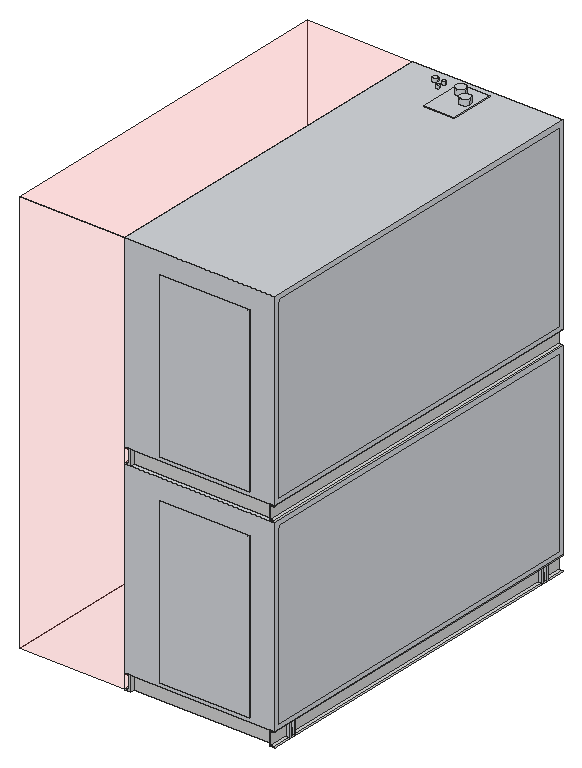
Revit family "TCDC 430", category Mechanical Equipment, Revit 2022
Family settings
  Round Connector Dimension = Use Diameter
  Part Type = Normal
  OmniClass Number = 23.75.00.00
  OmniClass Title = Climate Control (HVAC)
  Work Plane-Based = No
  Always vertical = Yes
  Cut with Voids When Loaded = No
  Maintain Annotation Orientation = No
  Shared = No
  Room Calculation Point = No
Parameters (values of type "125W RH")
  TAG = "125W RH"
  Mod. Position Filter2 = "7"
  Mod. Position Filter1 = "2"
  Mod. Position Fan2 = "6"
  Mod. Position Fan1 = "4"
  Mod. Position Coil2 = "8"
  Mod. Position Coil1 = "1"
  Mod. Position Air Section2 = "5"
  Mod. Position Air Section1 = "3"
  Default Elevation = 0"
Reference planes (in)
  plane 1 "Center (Front/Back)": y = 0
  plane 2: z = -0.03
  plane 3 "Center (Left/Right)": x = 0
  plane 4 "right": x = 60
Forms (in)
  Extrusion 1, solid
    sketch origin (0, 0, -0.03) x (1, 0, 0) y (0, 1, 0)
      loop
        line (0, 0) -> (0, -144) -> (60, -144) -> (60, 0) -> (0, 0)
    from 6 to 81
  Extrusion 2, solid
    sketch origin (0, 0, -0.03) x (1, 0, 0) y (0, 1, 0)
      loop
        line (0, 0) -> (0, -144) -> (60, -144) -> (60, 0) -> (0, 0)
    from 87 to 162
  Extrusion 3, solid
    sketch origin (60, 0, -0.03) x (0, -1, 0) y (0, 0, -1)
      loop
        line (141.875, -78.875) -> (141.875, -8) -> (2.125, -8) -> (2.125, -78.875) -> (141.875, -78.875)
    from 0 to -2
  Extrusion 4, solid
    sketch origin (-2.6875, 0, 0) x (1, 0, 0) y (0, 0, 1)
      loop
        line (16.6875, 78.845) -> (16.6875, 5.97) -> (52.6875, 5.97) -> (52.6875, 78.845) -> (16.6875, 78.845)
    from 0 to 0.0625
  Extrusion 5, solid
    sketch origin (-2.6875, 0.0625, 84.97) x (1, 0, 0) y (0, 0, 1)
      loop
        line (16.6875, 68.625) -> (16.6875, 3.375) -> (52.6875, 3.375) -> (52.6875, 68.625) -> (16.6875, 68.625)
    from 144 to 144.0625
  Extrusion 6, solid
    sketch origin (-2.6875, 0, 0) x (1, 0, 0) y (0, 0, 1)
      loop
        line (16.6875, 72.595) -> (16.6875, 7.345) -> (52.6875, 7.345) -> (52.6875, 72.595) -> (16.6875, 72.595)
    from 144 to 144.0625
  Extrusion 7, solid
    sketch origin (-2.6875, 0.0625, 84.97) x (1, 0, 0) y (0, 0, 1)
      loop
        line (16.6875, 74.875) -> (16.6875, 2) -> (52.6875, 2) -> (52.6875, 74.875) -> (16.6875, 74.875)
    from 0 to 0.0625
  Extrusion 8, solid
    sketch origin (0, -37, -0.03) x (0, 1, 0) y (0, 0, -1)
      loop
        line (16.125, -78.875) -> (16.125, -8) -> (-104.875, -8) -> (-104.875, -78.875) -> (16.125, -78.875)
      loop
        line (16.125, -159.875) -> (16.125, -89) -> (-104.875, -89) -> (-104.875, -159.875) -> (16.125, -159.875)
    from -2 to 0
  Extrusion 9, solid
    sketch origin (4.33484, 11.6855, 161.97) x (1, 0, 0) y (0, 1, 0)
      loop
        line (16.29016, -13.8105) -> (16.29016, -31.8105) -> (28.29016, -31.8105) -> (28.29016, -13.8105) -> (16.29016, -13.8105)
    from 0 to -2
  Extrusion 10, solid
    sketch origin (0, 0, 161.97) x (1, 0, 0) y (0, 1, 0)
      loop
        circle (24.125, -6.125) r 2
      loop
        circle (29.125, -10.125) r 2
    from 0 to 2
  Extrusion 11, solid
    sketch origin (0, -4.64908, -1.66593) x (0, 1, 0) y (0, 0, -1)
      loop
        line (4.14908, -80.51093) -> (4.14908, -8.63593) -> (-15.85092, -8.63593) -> (-15.85092, -80.51093) -> (4.14908, -80.51093)
      loop
        line (4.02408, -161.51093) -> (4.02408, -89.63593) -> (-15.97592, -89.63593) -> (-15.97592, -161.51093) -> (4.02408, -161.51093)
    from 0 to -10
  Extrusion 12, solid
    sketch origin (60, 0, -0.03) x (0, -1, 0) y (0, 0, -1)
      loop
        line (141.875, -159.875) -> (141.875, -89) -> (2.125, -89) -> (2.125, -159.875) -> (141.875, -159.875)
    from 0 to -2
  Extrusion 13, solid
    sketch origin (0, 0, 161.97) x (1, 0, 0) y (0, 1, 0)
      loop
        circle (13, -5) r 1
    from 0 to 1
  Extrusion 14, solid
    sketch origin (0, 0, 161.97) x (1, 0, 0) y (0, 1, 0)
      loop
        circle (16.5, -5) r 0.625
    from 0 to 1
  Extrusion 15, solid
    sketch origin (0, 0, 161.97) x (1, 0, 0) y (0, 1, 0)
      loop
        circle (16.5, -8) r 0.625
    from 0 to 1
  Extrusion 16, solid
    sketch origin (-3, -144, -0.03) x (1, 0, 0) y (0, 1, 0)
      loop
        line (3, 144) -> (-39, 144) -> (-39, 0) -> (3, 0) -> (3, 144)
    from 0 to 162
  Extrusion 17, solid
    sketch origin (1.723, -144, 5.3541) x (0, 1, 0) y (0, 0, -1)
      loop
        circle (138, 3.3841) r 0.625
    from 0 to 2
  Extrusion 18, solid
    sketch origin (47.20421, -21.32305, -0.03) x (-1, 0, 0) y (0, -1, 0)
      loop
        circle (-11.75735, 113.76623) r 0.5
    from 0 to 3
  Extrusion 19, solid
    sketch origin (49.86796, -11.07056, -0.03) x (-1, 0, 0) y (0, -1, 0)
      loop
        line (-7.98604, 125.07378) -> (-7.98604, 125.32378) -> (-10.13204, 125.32378) -> (-10.13204, 125.07378) -> (-7.98604, 125.07378)
    from 0.343 to 5.657
  Extrusion 20, solid
    sketch origin (49.86796, -35.91301, -0.03) x (-1, 0, 0) y (0, -1, 0)
      loop
        line (-7.98604, 98.1212) -> (-10.13204, 98.1212) -> (-10.13204, 97.8712) -> (-7.98604, 97.8712) -> (-7.98604, 98.1212)
    from 0.343 to 5.657
  Extrusion 21, solid
    sketch origin (12.79579, -21.32305, -0.03) x (1, 0, 0) y (0, 1, 0)
      loop
        circle (-11.75735, -113.76623) r 0.5
    from 0 to 3
  Extrusion 22, solid
    sketch origin (10.13204, -11.07056, -0.03) x (1, 0, 0) y (0, 1, 0)
      loop
        line (-7.98604, -125.07378) -> (-10.13204, -125.07378) -> (-10.13204, -125.32378) -> (-7.98604, -125.32378) -> (-7.98604, -125.07378)
    from 0.343 to 5.657
  Extrusion 23, solid
    sketch origin (10.13204, -35.91301, -0.03) x (1, 0, 0) y (0, 1, 0)
      loop
        line (-7.98604, -98.1212) -> (-7.98604, -97.8712) -> (-10.13204, -97.8712) -> (-10.13204, -98.1212) -> (-7.98604, -98.1212)
    from 0.343 to 5.657
  Extrusion 24, solid
    sketch origin (47.20421, -122.67695, -0.03) x (-1, 0, 0) y (0, -1, 0)
      loop
        circle (-11.75735, -113.76623) r 0.5
    from 0 to 3
  Extrusion 25, solid
    sketch origin (49.86796, -132.92944, -0.03) x (-1, 0, 0) y (0, -1, 0)
      loop
        line (-7.98604, -125.07378) -> (-10.13204, -125.07378) -> (-10.13204, -125.32378) -> (-7.98604, -125.32378) -> (-7.98604, -125.07378)
    from 0.343 to 5.657
  Extrusion 26, solid
    sketch origin (49.86796, -108.08699, -0.03) x (-1, 0, 0) y (0, -1, 0)
      loop
        line (-7.98604, -98.1212) -> (-7.98604, -97.8712) -> (-10.13204, -97.8712) -> (-10.13204, -98.1212) -> (-7.98604, -98.1212)
    from 0.343 to 5.657
  Extrusion 27, solid
    sketch origin (12.79579, -122.67695, -0.03) x (1, 0, 0) y (0, 1, 0)
      loop
        circle (-11.75735, 113.76623) r 0.5
    from 0 to 3
  Extrusion 28, solid
    sketch origin (10.13204, -132.92944, -0.03) x (1, 0, 0) y (0, 1, 0)
      loop
        line (-7.98604, 125.07378) -> (-7.98604, 125.32378) -> (-10.13204, 125.32378) -> (-10.13204, 125.07378) -> (-7.98604, 125.07378)
    from 0.343 to 5.657
  Extrusion 29, solid
    sketch origin (10.13204, -108.08699, -0.03) x (1, 0, 0) y (0, 1, 0)
      loop
        line (-7.98604, 98.1212) -> (-10.13204, 98.1212) -> (-10.13204, 97.8712) -> (-7.98604, 97.8712) -> (-7.98604, 98.1212)
    from 0.343 to 5.657
Text (in)
  text "Grooved Connectors" at (20.77129, -19.66665, 161.70485), in view "{3D}"
  text "Refer to submittal for equipment details" at (62.84487, -144.22737, 4.19408), in view "{3D}"
  text "Preliminary" at (32.87537, -62.26885, 167.28286), in view "{3D}"
Dimensions and locks (in)
  Extrusion 1 to Extrusion 1 = 144"
  Extrusion 2 to Extrusion 2 = 75"
  Extrusion 9 to Extrusion 10 sketch curve = 3 1/2"
  Extrusion 10 sketch curve to Extrusion 9 = 3 1/2"
  Extrusion 9 to Extrusion 10 sketch curve = 4"
  Extrusion 9 to Extrusion 10 sketch curve = 8"
  Extrusion 8 sketch curve to Extrusion 2 = 2 1/8"  (x2)
  Extrusion 8 sketch curve to Extrusion 8 sketch curve = 121"  (x2)
  Extrusion 2 to Extrusion 8 sketch curve = 72 7/8"
  Extrusion 2 to Extrusion 12 sketch curve = 2 1/8"
  Extrusion 1 to Extrusion 11 = 1/2"
  Extrusion 2 to Extrusion 13 = 5"
  plane 3 "Center (Left/Right)" to Extrusion 13 sketch curve = 13"
  Extrusion 2 to Extrusion 13 sketch curve = 5"
  Extrusion 11 to Extrusion 14 sketch curve = 16 1/2"
  Extrusion 2 to Extrusion 14 sketch curve = 5"
  Extrusion 2 to Extrusion 15 sketch curve = 8"
  Extrusion 11 to Extrusion 15 sketch curve = 16 1/2"
  Extrusion 16 to Extrusion 16 = 162"
  Extrusion 16 to Extrusion 17 sketch curve = 6"
  Extrusion 16 to Extrusion 17 sketch curve = 2"
  radius of Extrusion 15 sketch curve = 5/8"
  aligned and locked: plane 2 to level
Nested families (in)
  nested 1: "C-Channel" at (58.354, -74.70947, 2.97) x (0, 1, 0) z (0, 0, 1), type "C6X13"
    with built-in parameter 1005500 Steel ASTM A36, built-in parameter 1001375 60", W 13, bf 2.16", d 6", tf 0.343", tw 0.437", x 0.514", A 0.0264583 SF
  nested 2: "C-Channel" at (1.646, -69.29053, 2.97) x (0, -1, 0) z (0, 0, 1), type "C6X13"
    with built-in parameter 1005500 Steel ASTM A36, built-in parameter 1001375 60", W 13, bf 2.16", d 6", tf 0.343", tw 0.437", x 0.514", A 0.0264583 SF
  nested 3: "C-Channel" at (35, -2, 2.97) x (-1, 0, 0) z (0, 0, 1), type "C6X13"
    with built-in parameter 1005500 Steel ASTM A36, built-in parameter 1001375 60", W 13, bf 2.16", d 6", tf 0.343", tw 0.437", x 0.514", A 0.0264583 SF
  nested 4: "C-Channel" at (28.354, -141.9375, 2.97) x (-1, 0, 0) z (0, 0, 1), type "C6X13"
    with built-in parameter 1005500 Steel ASTM A36, built-in parameter 1001375 60", W 13, bf 2.16", d 6", tf 0.343", tw 0.437", x 0.514", A 0.0264583 SF
  nested 5: "C-Channel" at (58.354, -74.70947, 83.97) x (0, 1, 0) z (0, 0, 1), type "C6X13"
    with built-in parameter 1005500 Steel ASTM A36, built-in parameter 1001375 60", W 13, bf 2.16", d 6", tf 0.343", tw 0.437", x 0.514", A 0.0264583 SF
  nested 6: "C-Channel" at (1.646, -69.29053, 83.97) x (0, -1, 0) z (0, 0, 1), type "C6X13"
    with built-in parameter 1005500 Steel ASTM A36, built-in parameter 1001375 60", W 13, bf 2.16", d 6", tf 0.343", tw 0.437", x 0.514", A 0.0264583 SF
  nested 7: "C-Channel" at (35, -2, 83.97) x (-1, 0, 0) z (0, 0, 1), type "C6X13"
    with built-in parameter 1005500 Steel ASTM A36, built-in parameter 1001375 60", W 13, bf 2.16", d 6", tf 0.343", tw 0.437", x 0.514", A 0.0264583 SF
  nested 8: "C-Channel" at (28.354, -141.9375, 83.97) x (-1, 0, 0) z (0, 0, 1), type "C6X13"
    with built-in parameter 1005500 Steel ASTM A36, built-in parameter 1001375 60", W 13, bf 2.16", d 6", tf 0.343", tw 0.437", x 0.514", A 0.0264583 SF
Connectors (in)
  piping at (24.125, -6.125, 163.97), diameter 4
    settings: on Extrusion 10, index 5, connector inside diameter 24", connector length 0", flow factor 0, pipe flow 0 GPM, pressure drop 0.00 psi, fitting loss kfactor 0, connector angle 0.00°, fixture units 0, engagement length 0", angle of deflection 0.00°, flow configuration 0, flow direction 1, fitting loss method 0, system type 19, joint type 0, gender type 0, connector reference index -1, connector utility 0, adjustable connector no, is connector primary yes, connector description ""
  piping at (29.125, -10.125, 163.97), diameter 4
    settings: on Extrusion 10, index 6, connector inside diameter 24", connector length 0", flow factor 0, pipe flow 0 GPM, pressure drop 0.00 psi, fitting loss kfactor 0, connector angle 0.00°, fixture units 0, engagement length 0", angle of deflection 0.00°, flow configuration 0, flow direction 2, fitting loss method 0, system type 19, joint type 0, gender type 0, connector reference index -1, connector utility 0, adjustable connector no, is connector primary no, connector description ""
  hvac at (0, -81.375, 124.4075)
    settings: on Extrusion 8, index 7, duct flow 0 CFM, flow factor 0, pres drop 0.00 in-wg, loss coef 0, conn angle 0.00°, conn width 121", conn height 70 7/8", conn diameter 24", duct sys type 2, conn prof type 1, flow config 0, flow direction 1, loss method 0, conn ref index -1, conn util no, is conn primary yes, conn desc ""
  hvac at (60, -72, 124.4075)
    settings: on Extrusion 12, index 9, duct flow 0 CFM, flow factor 0, pres drop 0.00 in-wg, loss coef 0, conn angle 0.00°, conn width 139 3/4", conn height 70 7/8", conn diameter 24", duct sys type 1, conn prof type 1, flow config 0, flow direction 2, loss method 0, conn ref index -1, conn util no, is conn primary no, conn desc ""
  hvac at (60, -72, 43.4075)
    settings: on Extrusion 3, index 10, duct flow 0 CFM, flow factor 0, pres drop 0.00 in-wg, loss coef 0, conn angle 0.00°, conn width 139 3/4", conn height 70 7/8", conn diameter 24", duct sys type 1, conn prof type 1, flow config 0, flow direction 2, loss method 0, conn ref index -1, conn util no, is conn primary no, conn desc ""
  electrical at (13, -5, 162.97)
    settings: on Extrusion 13, index 12, voltage 0 V, apparent load 0 VA, apparent load phase1 0 VA, apparent load phase2 0 VA, apparent load phase3 0 VA, power factor 1, load classification "Other", number of poles 1, system type 30, power factor state 1, is connector primary yes, connector utility no, sub classification motor no, connector description ""
  electrical at (16.5, -8, 162.97)
    settings: on Extrusion 15, index 13, voltage 0 V, apparent load 0 VA, apparent load phase1 0 VA, apparent load phase2 0 VA, apparent load phase3 0 VA, power factor 1, load classification "Other", number of poles 1, system type 14, power factor state 1, is connector primary no, connector utility no, sub classification motor no, connector description ""
  electrical at (16.5, -5, 162.97)
    settings: on Extrusion 14, index 14, voltage 0 V, apparent load 0 VA, apparent load phase1 0 VA, apparent load phase2 0 VA, apparent load phase3 0 VA, power factor 1, load classification "Other", number of poles 1, system type 13, power factor state 1, is connector primary no, connector utility no, sub classification motor no, connector description ""
  piping at (-0.277, -6, 1.97), diameter 1.25
    settings: on Extrusion 17, index 15, connector inside diameter 24", connector length 0", flow factor 0, pipe flow 0 GPM, pressure drop 0.00 psi, fitting loss kfactor 0, connector angle 0.00°, fixture units 0, engagement length 0", angle of deflection 0.00°, flow configuration 0, flow direction 2, fitting loss method 0, system type 22, joint type 0, gender type 0, connector reference index -1, connector utility 0, adjustable connector no, is connector primary no, connector description ""
  hvac at (0, -81.375, 43.4075)
    settings: on Extrusion 8, index 16, duct flow 0 CFM, flow factor 0, pres drop 0.00 in-wg, loss coef 0, conn angle 0.00°, conn width 121", conn height 71 1/8", conn diameter 24", duct sys type 2, conn prof type 1, flow config 0, flow direction 1, loss method 0, conn ref index -1, conn util no, is conn primary no, conn desc ""
Definition of nested family "C-Channel"
  Parameters (values of type "C12X30")
    W = 30
    Structural Material [instance] = none
    Assembly Code = "B10"
    Length [instance] = 60"
    bf = 3 11/64"
    d = 12"
    tf = 1/2"
    tw = 131/256"
    x = 173/256"
    A = 0.0611111 SF
  Types (2): name | W | bf | d | tf | tw | x | A
    C12X30 | 30 | 3 11/64" | 12" | 1/2" | 131/256" | 173/256" | 0.0611111 SF
    C15X33.9 | 33.9 | 3 51/128" | 15" | 83/128" | 51/128" | 101/128" | 0.0694444 SF
  Reference planes (in)
    plane 1 "Center (Front/Back)": y = 0
    plane 2: z = 0
    plane 3 "Center (Left/Right)": x = 0.1815
    plane 4 "Member Left": x = -23.8185
    plane 5 "Member Right": x = 24.1815
    plane 6 "Center Left/Right": y = 0.67578
    plane 7: y = -2.49609
    plane 8 "Top": z = 6
    plane 9: z = -6
    plane 10 "Left": x = -29.8185
    plane 11 "Right": x = 30.1815
  Forms (in)
    Sweep 1, solid, material <- "Structural Material", detail levels fine
      path origin (0, 0, 0) x (1, 0, 0) y (0, 1, 0)
        loop
          line (24.1815, 0) -> (-23.8185, 0)
      profile "C-Channel-Profile-Fine : C-Channel-Profile-Fine" origin (0.1815, 0, 0) x (0, -1, 0) y (0, 0, 1)
        loop
          line (-0.67578, -6) -> (2.49609, -6)
          arc (2.49609, -6) -> (2.34965, -5.64645) -> (1.99609, -5.5) r 0.5
          line (1.99609, -5.5) -> (-0.16406, -5.15786) -> (-0.16406, 5.15786) -> (1.99609, 5.5)
          arc (1.99609, 5.5) -> (2.34965, 5.64645) -> (2.49609, 6) r 0.5
          line (2.49609, 6) -> (-0.67578, 6) -> (-0.67578, -6)
    Sweep 2, solid, material <- "Structural Material", detail levels medium
      path origin (0, 0, 0) x (1, 0, 0) y (0, 1, 0)
        loop
          line (24.1815, 0) -> (-23.8185, 0)
      profile "C-Channel-Profile-Medium : C-Channel-Profile-Medium" origin (0.1815, 0, 0) x (0, -1, 0) y (0, 0, 1)
        loop
          line (-0.67578, -6) -> (2.49609, -6) -> (2.49609, -5.5) -> (-0.16406, -5.07867) -> (-0.16406, 5.07867) -> (2.49609, 5.5) -> (2.49609, 6) -> (-0.67578, 6) -> (-0.67578, -6)
  Lines and regions (in)
    symbolic lines, detail levels medium+fine
      curve 1: line (-23.8185, 0.1875, 5.5) -> (24.1815, 0.1875, 5.5)
      curve 2: line (-23.8185, 0.1875, -5.5) -> (24.1815, 0.1875, -5.5)
      curve 6: line (-23.8185, 0.16406, 0) -> (24.1815, 0.16406, 0)
    symbolic lines, detail levels coarse
      curve 3: line (0.1815, 0.67578, -6) -> (0.1815, 0.67578, 6)
      curve 4: line (0.1815, 0.67578, 6) -> (0.1815, -2.49609, 6)
      curve 5: line (0.1815, 0.67578, -6) -> (0.1815, -2.49609, -6)
  Dimensions and locks (in)
    "bf": plane 6 "Center Left/Right" to plane 7
    "d": plane 9 to plane 8 "Top"
    "x": plane 6 "Center Left/Right" to plane 1 "Center (Front/Back)"
    equal spacing: plane 9, plane 2, plane 8 "Top"
    "Length": plane 10 "Left" to plane 11 "Right"
    "tw": plane 6 "Center Left/Right" to curve 6
    "tf": plane 8 "Top" to curve 1
    "tf": curve 2 to plane 9
    aligned and locked: Sweep 1 sketch curve to plane 1 "Center (Front/Back)"
    aligned and locked: Sweep 2 sketch curve to plane 1 "Center (Front/Back)"
    aligned and locked: curve 4 to Sweep 2
    aligned and locked: Sweep 2 to curve 5
    aligned and locked: Sweep 2 to curve 4
    aligned and locked: curve 5 to Sweep 2
    aligned and locked: plane 4 "Member Left" to Sweep 1 sketch curve
    aligned and locked: plane 5 "Member Right" to Sweep 1 sketch curve
    aligned and locked: plane 4 "Member Left" to Sweep 2 sketch curve
    aligned and locked: plane 5 "Member Right" to Sweep 2 sketch curve
    aligned and locked: plane 4 "Member Left" to curve 6
    aligned and locked: plane 5 "Member Right" to curve 6
    aligned and locked: plane 4 "Member Left" to curve 1
    aligned and locked: plane 4 "Member Left" to curve 2
    aligned and locked: plane 5 "Member Right" to curve 1
    aligned and locked: plane 5 "Member Right" to curve 2
  Automatic sketch dimensions
    curve 3 to plane 6 "Center Left/Right" = 0"
